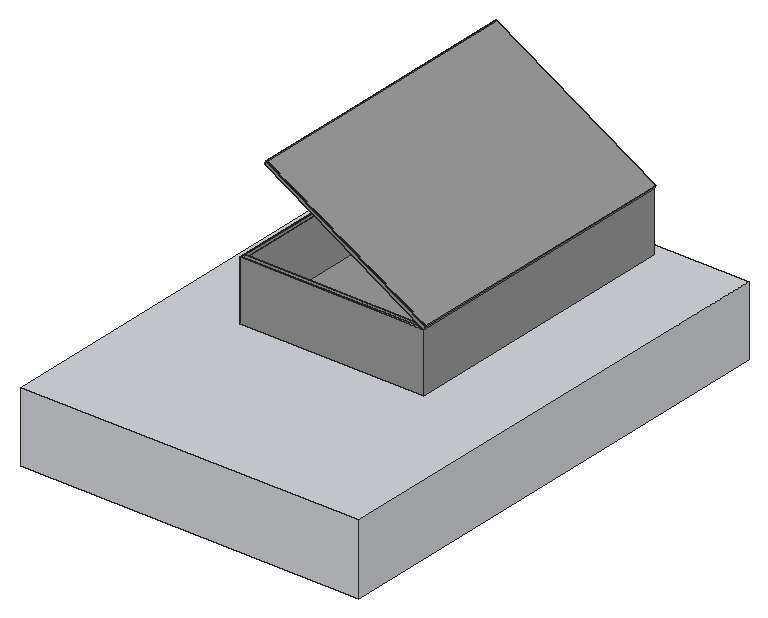
Revit family "Hager-Univers-IP55-D275-H1250-Cl.II-Steel_encl-CH-en", category Equipement électrique, Revit 2020
Family settings
  Hôte = Face
  Configuration du panneau = Deux colonnes, circuits au sein
  Cote de connecteur circulaire = Utiliser le diamètre
  Type d'élément = Tableau de raccordement
  Couper avec des vides une fois chargée = Non
  Partagée = Non
  Point de calcul de pièce = Non
Parameters (values of type "Surface mounted (plaster) IP55 W800 H1250 D275  - FR83S")
  Width Control [instance] = if([EF000008 - Width] > Min Width, [EF000008 - Width], Min Width)  # 800 mm
  Commentaires du type = [HG000003 - Range]  # "Univers"
  Thickness Door [instance] = if([EF009171 - Material plate thickness door/cover] > 3 mm, 3 mm, [EF009171 - Material plate thickness door/cover])  # 1.5 mm
  Seal Frame Offset [instance] = 17 mm  # constant formula
  Plinth Visibility [instance] = [HG000027 - Plinth height] > 0 mm  # no
  Model = ""
  Min Width [instance] = 100 mm  # constant formula
  Min Height [instance] = 100 mm  # constant formula
  Min Depth [instance] = (2 * [EF009170 - Material plate thickness cabinet]) + 1 mm  # 4 mm
  Internal Frame Depth [instance] = (Door System Depth * 0.5)  # 9 mm
  Height Control [instance] = if([EF000040 - Height] > Min Height, [EF000040 - Height], Min Height)  # 1250 mm
  HG000027 - Plinth height = 0 mm
  HG000026 - Floor standing = no
  HG000024 - Bottom section height = 800 mm
  HG000023 - Double section enclosure = no
  HG000016 - Door 3d visibility [instance] = yes
  HG000015 - Clearance visibility [instance] = no
  HG000014 - Door on the right [instance] = yes
  HG000013 - Door on the left [instance] = not([HG000014 - Door on the right])  # no
  HG000012 - Door swing angle [instance] = 30.00°
  HG000010 - Asymmetric doors = no
  HG000009 - Double swing door = no
  HG000006 - Flush mounted = no
  HG000004 - Manufacturer reference = "FR83S"
  HG000003 - Range = "Univers"
  HG000002 - With door or cover = yes
  Frame Offset Bottom [instance] = 10 mm  # constant formula
  Frame Offset [instance] = 15 mm  # constant formula
  EF015940 - Cover with overpressure release = no
  EF011959 - Degree of protection (NEMA) = ""
  EF009554 - Number of openings for flange plates = 6
  EF009212 - Cover model = "EV000116 - Closed"
  EF009171 - Material plate thickness door/cover = 1.5 mm
  EF009170 - Material plate thickness cabinet = 1.5 mm
  Fabricant = "Hager"  # constant formula
  EF008873 - Nominal current (In) = 800 A
  EF007800 - Suitable for lightning protection = no
  EF006306 - With lock = no
  EF006244 - Transparent cover/door = no
  EF005474 - Degree of protection (IP) = "EV006420 - IP55"
  EF004464 - Type of door = "EV002646 - Single"
  EF004427 - Number of modules = 288
  EF004293 - Impact strength = "EV008784 - IK10"
  EF003532 - Suitable for outdoor use = no
  EF002950 - Width in number of modular spacings = 24
  EF001613 - Circuit integrity = "EV000494 - None"
  EF001596 - Material housing = "EV000179 - Steel"
  EF001131 - Internal depth = 275 mm
  EF001088 - Extension possible = yes
  EF000437 - Number of conduit inlets = 6
  EF000339 - Type of cover = "EV004216 - Door"
  EF000266 - Number of rows = 8
  EF000218 - Built-in depth = 0 mm
  EF000118 - With mounting plate = no
  EF000116 - RAL-number = "7035"
  EF000049 - Depth = 275 mm
  EF000040 - Height = 1250 mm
  EF000008 - Width = 800 mm
  EF000007 - Colour = "EV000270 - Grey"
  EF000003 - Mounting method = "EV000384 - Surface mounted (plaster)"
  Door System Leaf Tolerance [instance] = 1.5 mm  # constant formula
  Door System Depth [instance] = 18 mm  # constant formula
  Door Height [instance] = Height Control - [HG000027 - Plinth height]  # 1250 mm
  Depth Control [instance] = if([EF000049 - Depth] > Min Depth, [EF000049 - Depth], Min Depth)  # 275 mm
  Default Elevation = 0 mm
  Connector Offset [instance] = Height Control / 2  # 625 mm
  Bottom Top Plate Trim [instance] = 1.5 mm  # constant formula
  Plinth height Ctrl [instance] = if([HG000027 - Plinth height] > 0 mm, [HG000027 - Plinth height], 12 mm)  # 12 mm
Types (5, lengths in mm): name | Width Control | HG000010 - Asymmetric doors | HG000009 - Double swing door | HG000004 - Manufacturer reference | EF009554 - Number of openings for flange plates | EF004464 - Type of door | EF004427 - Number of modules | EF000437 - Number of conduit inlets | EF000008 - Width
  Surface mounted (plaster) IP55 W1050 H1250 D275  - FR84S | 1050 | no | yes | "FR84S" | 8 | "EV003602 - Double" | 384 | 8 | 1050
  Surface mounted (plaster) IP55 W1300 H1250 D275  - FR85S | 1300 | yes | yes | "FR85S" | 10 | "EV003602 - Double" | 480 | 10 | 1300
  Surface mounted (plaster) IP55 W300 H1250 D275  - FR81S | 300 | no | no | "FR81S" | 2 | "EV002646 - Single" | 96 | 2 | 300
  Surface mounted (plaster) IP55 W550 H1250 D275  - FR82S | 550 | no | no | "FR82S" | 4 | "EV002646 - Single" | 192 | 4 | 550
  Surface mounted (plaster) IP55 W800 H1250 D275  - FR83S | 800 | no | no | "FR83S" | 6 | "EV002646 - Single" | 288 | 6 | 800
Reference planes
  plane 1 "Center (Front/Back)": y = 0
  plane 2: z = 0
  plane 3 "Center (Left/Right)": x = 0
  plane 4: z = 275
  plane 5: y = 1.5
  plane 6: y = 625
  plane 7: y = 0
  plane 8: y = 1250
  plane 9: z = 0
  plane 10: x = -385
  plane 11: x = 385
  plane 12: x = 383.5
  plane 13: x = -383.5
  plane 14: y = 1248.5
  plane 15: x = -383
  plane 16: x = -400
  plane 17: x = 383
  plane 18: x = 400
  plane 19: x = 398.5
  plane 20: x = -398.5
  plane 21: y = 11.5
  plane 22: y = 1250
  plane 23: y = 1233.5
  plane 24: z = 257
  plane 25: z = 1.5
  plane 26: z = 255.5
  plane 27: z = 273.5
Forms (mm)
  Extrusion 1, solid
    sketch origin (0, 0, 0) x (1, 0, 0) y (0, 1, 0)
      loop
        line (-702.964, 1305) -> (-702.964, -811.445) -> (766.763, -811.445) -> (766.763, 1305) -> (-702.964, 1305)
    from 0 to -304.8
  Extrusion 2, solid, material "Hager_Steel_RAL7035_Light_Grey", visible <- "Plinth Visibility", detail levels medium+fine
    sketch origin (0, 0, 0) x (1, 0, 0) y (0, 1, 0)
      loop
        line (-400, 0) -> (400, 0) -> (400, 12) -> (-400, 12) -> (-400, 0)
    from 0 to 257
  Extrusion 3, solid, material "Hager_Steel_RAL7035_Light_Grey", detail levels medium+fine
    sketch origin (0, 0, 0) x (1, 0, 0) y (0, 1, 0)
      loop
        line (-400, 0) -> (400, 0) -> (400, 1250) -> (-400, 1250) -> (-400, 0)
    from 0 to 257
  Extrusion 4, void
    sketch origin (0, 0, 0) x (1, 0, 0) y (0, 1, 0)
      loop
        line (-398.5, 1.5) -> (398.5, 1.5) -> (398.5, 1248.5) -> (-398.5, 1248.5) -> (-398.5, 1.5)
    from 1.5 to 255.5
  Extrusion 5, void
    sketch origin (-381.607, -4572, 257) x (0, -1, 0) y (-1, 0, 0)
      loop
        line (-4583.5, 1.893) -> (-5805.5, 1.893) -> (-5805.5, -765.107) -> (-4583.5, -765.107) -> (-4583.5, 1.893)
    from 0 to 1.5 <- "EF009170 - Material plate thickness cabinet"
  Extrusion 6, solid, material "Hager_Steel_RAL7035_Light_Grey", detail levels fine
    sketch origin (0, 0, 257) x (1, 0, 0) y (0, 1, 0)
      loop
        line (-383.5, 1233.5) -> (-383.5, 11.5) -> (383.5, 11.5) -> (383.5, 1233.5) -> (-383.5, 1233.5)
      loop
        line (-385, 10) -> (385, 10) -> (385, 1235) -> (-385, 1235) -> (-385, 10)
    from 0 to 9 <- "Internal Frame Depth"
  Extrusion 7, solid, material "Hager_Steel_RAL7035_Light_Grey", detail levels coarse
    sketch origin (0, 0, 0) x (1, 0, 0) y (0, 1, 0)
      loop
        line (-400, 0) -> (400, 0) -> (400, 1250) -> (-400, 1250) -> (-400, 0)
    from 0 to 275
  Sweep 8, void
    path in 3D
      loop
        line (-400, 12, 0) -> (400, 12, 0) -> (400, 12, 257) -> (-400, 12, 257) -> (-400, 12, 0)
    profile origin (-400, 12, 128.5) x (-1, 0, 0) y (0, -1, 0)
      loop
        line (0, 0) -> (0, 1.5) -> (-1.5, 1.5)
        arc (-1.5, 1.5) -> (-1.061, 0.439) -> (0, 0) r 1.5
Cuts and joins
  Extrusion 4, Extrusion 5 cuts Extrusion 3
  Sweep 8 cuts Extrusion 2
Lines and regions (mm)
  Masking region 1
    outline origin (0, 0, 0) x (1, 0, 0) y (0, 0, 1)
      loop
        line (-400, 275) -> (-400, 0) -> (400, 0) -> (400, 275) -> (-400, 275)
  Masking region 2, detail levels medium+fine
    outline origin (0, 140, 0) x (0, 1, 0) y (0, 0, 1)
      loop
        line (-140, 0) -> (1110, 0) -> (1110, 257) -> (-140, 257) -> (-140, 0)
  Masking region 3, not visible, detail levels medium+fine
    outline origin (0, 297.922, 0) x (0, 1, 0) y (0, 0, 1)
      loop
        line (338.578, 0) -> (378.578, 0) -> (378.578, 263.5)
        arc (378.578, 263.5) -> (375.649, 270.571) -> (368.578, 273.5) r 10
        line (368.578, 273.5) -> (338.578, 273.5) -> (338.578, 0)
  Masking region 4, detail levels coarse
    outline origin (0, 0, 180) x (0, 1, 0) y (0, 0, 1)
      loop
        line (0, -180) -> (1250, -180) -> (1250, 95) -> (0, 95) -> (0, -180)
  Masking region 5, visible <- "Plinth Visibility", detail levels medium+fine
    outline origin (0, 52.24, 12.345) x (0, 0, -1) y (0, 1, 0)
      loop
        line (10.845, -40.24) -> (-243.155, -40.24)
        arc (-243.155, -40.24) -> (-243.594, -41.301) -> (-244.655, -41.74) r 1.5
        line (-244.655, -41.74) -> (-244.655, -52.24) -> (12.345, -52.24) -> (12.345, -41.74)
        arc (12.345, -41.74) -> (11.285, -41.301) -> (10.845, -40.24) r 1.5
  Masking region 6, detail levels medium+fine
    outline origin (-381.607, -4572, 257) x (-1, 0, 0) y (0, -1, 0)
      loop
        line (18.393, -5822) -> (18.393, -4572) -> (-781.607, -4572) -> (-781.607, -5822) -> (18.393, -5822)
  Masking region 7, visible <- "Plinth Visibility", detail levels medium+fine
    outline origin (-381.607, -4727, 257) x (-1, 0, 0) y (0, -1, 0)
      loop
        arc (16.893, -4739) -> (17.332, -4737.939) -> (18.393, -4737.5) r 1.5
        line (18.393, -4737.5) -> (18.393, -4727) -> (-781.607, -4727) -> (-781.607, -4737.5)
        arc (-781.607, -4737.5) -> (-780.546, -4737.939) -> (-780.107, -4739) r 1.5
        line (-780.107, -4739) -> (16.893, -4739)
  Masking region 8, detail levels coarse
    outline origin (-442.548, -4669.526, 257) x (-1, 0, 0) y (0, -1, 0)
      loop
        line (-42.548, -5919.526) -> (-42.548, -4669.526) -> (-842.548, -4669.526) -> (-842.548, -5919.526) -> (-42.548, -5919.526)
  sketch lines
    curve 1: line (-400, 12, 257) -> (-400, 12, 0)
    curve 2: line (400, 12, 257) -> (-400, 12, 257)
    curve 3: line (400, 12, 257) -> (400, 12, 0)
    curve 4: line (-400, 12, 0) -> (400, 12, 0)
Dimensions and locks
  "Depth Control": plane 4 to Extrusion 1
  "HG000027 - Plinth height": plane 1 "Center (Front/Back)" to plane 7
  "EF009170 - Material plate thickness cabinet": plane 5 to plane 7
  locked: connector elem to plane 3 "Center (Left/Right)"
  equal spacing: plane 8, plane 6, plane 7
  locked: connector elem to plane 6
  "EF009170 - Material plate thickness cabinet": plane 8 to plane 14
  "EF009170 - Material plate thickness cabinet": plane 10 to plane 13
  "EF009170 - Material plate thickness cabinet": plane 12 to plane 11
  "Frame Offset": plane 20 to plane 13
  "Frame Offset": plane 12 to plane 19
  "EF009170 - Material plate thickness cabinet": plane 16 to plane 20
  "EF009170 - Material plate thickness cabinet": plane 19 to plane 18
  "Seal Frame Offset": plane 16 to plane 15
  "Seal Frame Offset": plane 17 to plane 18
  "Frame Offset Bottom": plane 21 to plane 5
  "Frame Offset": plane 14 to plane 23
  equal spacing: plane 16, plane 3 "Center (Left/Right)", plane 18
  "Width Control": plane 16 to plane 18
  "EF009170 - Material plate thickness cabinet": plane 4 to plane 27
  "EF009170 - Material plate thickness cabinet": plane 24 to plane 26
  "EF009170 - Material plate thickness cabinet": plane 25 to level
  "Door System Depth": plane 4 to plane 24
  "Height Control": plane 1 "Center (Front/Back)" to Extrusion 7 sketch curve
  "Height Control": Masking region 4 sketch curve to plane 1 "Center (Front/Back)"
  "Height Control": plane 1 "Center (Front/Back)" to plane 22
  "Bottom Top Plate Trim": profile plane to Sweep 8 sketch curve
  "Bottom Top Plate Trim": Sweep 8 sketch curve to profile plane
  "Plinth height Ctrl": plane 1 "Center (Front/Back)" to Extrusion 2 sketch curve
  "Plinth height Ctrl": Masking region 5 sketch curve to plane 1 "Center (Front/Back)"
  "Plinth height Ctrl": plane 1 "Center (Front/Back)" to Masking region 7 sketch curve
  "Thickness Door": Extrusion 6 sketch curve to Extrusion 6 sketch curve  (x3)
  "Thickness Door": cut or joined group of Extrusion 3, Extrusion 4, Extrusion 5 to Extrusion 6 sketch curve
  radius of Masking region 3 sketch curve = 10 mm
  "Bottom Top Plate Trim": radius of Masking region 5 sketch curve  (x2)
  "Bottom Top Plate Trim": radius of Sweep 8 sketch curve
  "Bottom Top Plate Trim": radius of Masking region 7 sketch curve  (x2)
  aligned and locked: plane 2 to Extrusion 1
  aligned and locked: level to Extrusion 1
  aligned and locked: level to Masking region 1 sketch curve
  aligned and locked: Masking region 1 sketch curve to plane 18
  aligned and locked: Masking region 1 sketch curve to plane 16
  aligned and locked: plane 7 to Masking region 2 sketch curve
  aligned and locked: level to Masking region 3 sketch curve
  aligned and locked: Masking region 3 sketch curve to plane 27
  aligned and locked: level to Masking region 2 sketch curve
  aligned and locked: plane 1 "Center (Front/Back)" to Extrusion 2 sketch curve
  aligned and locked: Extrusion 3 sketch curve to plane 7
  aligned and locked: plane 16 to Extrusion 3 sketch curve
  aligned and locked: plane 18 to Extrusion 3 sketch curve
  aligned and locked: plane 20 to Extrusion 4 sketch curve
  aligned and locked: plane 19 to Extrusion 4 sketch curve
  aligned and locked: Extrusion 4 sketch curve to plane 5
  aligned and locked: Extrusion 4 to plane 25
  aligned and locked: plane 26 to Extrusion 4
  aligned and locked: plane 24 to Extrusion 3
  aligned and locked: Extrusion 5 sketch curve to plane 21
  aligned and locked: Extrusion 5 sketch curve to plane 13
  aligned and locked: Extrusion 5 sketch curve to plane 12
  aligned and locked: plane 18 to Extrusion 7 sketch curve
  aligned and locked: plane 1 "Center (Front/Back)" to Extrusion 7 sketch curve
  aligned and locked: plane 16 to Extrusion 7 sketch curve
  aligned and locked: plane 4 to Extrusion 7
  aligned and locked: Extrusion 7 to level
  aligned and locked: level to Masking region 4 sketch curve
  aligned and locked: Masking region 4 sketch curve to plane 1 "Center (Front/Back)"
  aligned and locked: Masking region 4 sketch curve to plane 4
  aligned and locked: nested 1 to level
  aligned and locked: nested 1 to plane 16
  aligned and locked: plane 8 to Extrusion 3 sketch curve
  aligned and locked: plane 23 to Extrusion 5 sketch curve
  aligned and locked: plane 14 to Extrusion 4 sketch curve
  aligned and locked: Masking region 2 sketch curve to plane 8
  aligned and locked: level to Masking region 5 sketch curve
  aligned and locked: plane 16 to Extrusion 2 sketch curve
  aligned and locked: plane 18 to Extrusion 2 sketch curve
  aligned and locked: Masking region 5 sketch curve to plane 24
  aligned and locked: Masking region 2 sketch curve to plane 24
  aligned and locked: plane 24 to Extrusion 2
  aligned and locked: profile plane to Sweep 8 sketch curve  (x2)
  aligned and locked: Masking region 6 sketch curve to plane 18
  aligned and locked: Masking region 6 sketch curve to plane 22
  aligned and locked: Masking region 6 sketch curve to plane 16
  aligned and locked: plane 8 to plane 22
  aligned and locked: Masking region 6 sketch curve to plane 7
  aligned and locked: Masking region 7 sketch curve to plane 16
  aligned and locked: Masking region 7 sketch curve to plane 1 "Center (Front/Back)"
  aligned and locked: Masking region 7 sketch curve to plane 18
  aligned and locked: Masking region 8 sketch curve to plane 1 "Center (Front/Back)"
  aligned and locked: Masking region 8 sketch curve to plane 18
  aligned and locked: Masking region 8 sketch curve to plane 22
  aligned and locked: Masking region 8 sketch curve to plane 16
  aligned and locked: nested 2 to plane 7
  aligned and locked: plane 3 "Center (Left/Right)" to nested 2
  aligned and locked: nested 2 to plane 24
  aligned and locked: Extrusion 6 sketch curve to cut or joined group of Extrusion 3, Extrusion 4, Extrusion 5  (x4)
Automatic sketch dimensions
  Extrusion 1 sketch curve to Extrusion 1 sketch curve = 1469.727 mm
  Extrusion 1 sketch curve to Extrusion 1 sketch curve = 2116.445 mm
  Masking region 1 sketch curve to plane 4 = 0 mm
  plane 6 to Masking region 3 sketch curve = 11.5 mm
  Masking region 3 sketch curve to Masking region 3 sketch curve = 30 mm
  Masking region 5 sketch curve to plane 1 "Center (Front/Back)" = 0 mm
Nested families
  nested 1: "Hager_Enclosure_Symbol" at (-400, 0, 0) x (1, 0, 0) z (0, -1, 0), Height <- "Depth Control", Width <- "Width Control", type "Hager_Enclosure_Symbol"
    with Width_Ctrl 800 mm, Width 800 mm, Height_Ctrl 275 mm, Height 275 mm, A_Width_Int 18.047 mm, A_Width 216.562 mm, A_Height_Ctrl 240.625 mm, A_Height 240.625 mm
  nested 2: "EC000058_Univers_Door" at (0, 0, 257) x (1, 0, 0) z (0, 1, 0), Leaf_Tolerance <- "Door System Leaf Tolerance", Angle <- "HG000012 - Door swing angle", Door_Depth <- "Door System Depth", Door_Left <- "HG000013 - Door on the left", Transparent <- "EF006244 - Transparent cover/door", Assymetrical <- "HG000010 - Asymmetric doors", Width <- "Width Control", Clearance <- "HG000015 - Clearance visibility", Double <- "HG000009 - Double swing door", 3d_Door <- "HG000016 - Door 3d visibility", Lock_Visibility <- "EF006306 - With lock", Width_Ctrl <- "Width Control", Door_Right <- "HG000014 - Door on the right", Door <- "HG000002 - With door or cover", Height <- "Door Height", Thickness <- "Thickness Door", type "EC000058_Univers_Door", detail levels medium+fine
    with min_wh 4 mm, Width_Ctrl 800 mm, Width 800 mm, Transparent no, Thickness 1.5 mm, Seal_Material Hager_Rubber, Lock_Visibility no, Lock_Material Hager_Plastic_RAL9005_Jet_Black, Leaf_Width 800 mm, Leaf_Tolerance_External_Sides 0 mm, Leaf_Tolerance 1.5 mm, Leaf_Offset 0 mm, Leaf_Height 1247 mm, Leaf_2_Width 800 mm, Leaf_2_Offset 400 mm, Leaf_1_Width 800 mm, Leaf_1_Offset 400 mm, Height_Ctrl 1250 mm, Height 1250 mm, Glass_Material Hager_Glass, Double_Clearance_Ctrl no, Double no, Door_Right_Ctrl yes, Door_Right yes, Door_Material Hager_Steel_RAL7035_Light_Grey, Door_Left_Ctrl no, Door_Left no, Door_Depth 18 mm, Door yes, Clearance_Material Hager_Clearance, Clearance_Depth 800 mm, Clearance_Ctrl no, Clearance no, Assymetrical no, Angle 30.00°, 3d_Door yes
Connectors
  electrical at (0, 625, 0)
    settings: on plane 9, index 1, voltage 0 V, apparent load 0 VA, apparent load phase1 0 VA, apparent load phase2 0 VA, apparent load phase3 0 VA, power factor 1, load classification "Other", number of poles 1, system type 30, power factor state 1, is connector primary yes, connector utility no, sub classification motor no, connector description ""
Definition of nested family "EC000058_Univers_Door"
  Parameters (values of type "EC000058_Univers_Door")
    min_wh [instance] = (2 * Thickness) + 1 mm  # 11 mm
    Width_Ctrl [instance] = 400 mm
    Width [instance] = 500 mm
    Transparent [instance] = yes
    Thickness [instance] = 5 mm
    Seal_Material [instance] = none
    Lock_Visibility [instance] = yes
    Lock_Material [instance] = none
    Leaf_Width [instance] = if((Width_Ctrl - 2 * Leaf_Tolerance_External_Sides) > 0 mm, (Width_Ctrl - 2 * Leaf_Tolerance_External_Sides), min_wh)  # 400 mm
    Leaf_Tolerance_External_Sides [instance] = 0 mm  # constant formula
    Leaf_Tolerance [instance] = 1.5 mm
    Leaf_Offset [instance] = 0 mm  # constant formula
    Leaf_Height [instance] = if((Height_Ctrl - 2 * Leaf_Tolerance) > 0 mm, (Height_Ctrl - 2 * Leaf_Tolerance), min_wh)  # 497 mm
    Leaf_2_Width [instance] = if(and(and(Double, Assymetrical), Door_Left), (Leaf_Width / 3) - (Leaf_Tolerance / 2), if(and(and(Double, Assymetrical), Door_Right), (Leaf_Width / 3) * 2 - (Leaf_Tolerance / 2), if(and(Double, not(Assymetrical)), (Leaf_Width / 2) - Leaf_Tolerance, Leaf_Width)))  # 400 mm
    Leaf_2_Offset [instance] = if(and(Double, Assymetrical), Leaf_2_Width / 2, if(and(Double, not(Assymetrical)), Leaf_Width / 4, Leaf_Width / 2))  # 200 mm
    Leaf_1_Width [instance] = if(and(and(Double, Assymetrical), Door_Right), (Leaf_Width / 3) - (Leaf_Tolerance / 2), if(and(and(Double, Assymetrical), Door_Left), (Width / 3) * 2 - (Leaf_Tolerance / 2), if(and(Double, not(Assymetrical)), (Leaf_Width / 2) - Leaf_Tolerance, Leaf_Width)))  # 400 mm
    Leaf_1_Offset [instance] = if(and(Double, Assymetrical), Leaf_1_Width / 2, if(and(Double, not(Assymetrical)), Leaf_Width / 4, Leaf_Width / 2))  # 200 mm
    Height_Ctrl [instance] = if(Height > min_wh, Height, min_wh)  # 500 mm
    Height [instance] = 500 mm
    Glass_Material [instance] = none
    Double_Clearance_Ctrl [instance] = and(Double, Clearance)  # no
    Double [instance] = no
    Door_Right_Ctrl [instance] = and(or(Door_Right, Double), Door)  # yes
    Door_Right [instance] = yes
    Door_Material [instance] = none
    Door_Left_Ctrl [instance] = and(or(Door_Left, Double), Door)  # no
    Door_Left [instance] = no
    Door_Depth [instance] = 30 mm
    Door [instance] = yes
    Default Elevation = 1219.2 mm
    Clearance_Material [instance] = none
    Clearance_Depth [instance] = if(Leaf_1_Width > Leaf_2_Width, Leaf_1_Width, Leaf_2_Width)  # 400 mm
    Clearance_Ctrl [instance] = and(not(Double), Clearance)  # yes
    Clearance [instance] = yes
    Assymetrical [instance] = yes
    Angle [instance] = 30.00°
    3d_Door [instance] = yes
  Reference planes
    plane 1 "Center (Front/Back)": y = 0
    plane 2 "Bottom": z = 0
    plane 3 "Center (Left/Right)": x = 0
    plane 4: z = 500
    plane 5: x = -200
    plane 6: x = 200
    plane 7: z = 500
    plane 8: x = -200
    plane 9: z = 0
    plane 10: x = 200
    plane 11: y = 0
    plane 12: z = 1.5
    plane 13: x = -600
    plane 14: y = -400
    plane 15: x = 600
    plane 16: x = 0
    plane 17: x = 0
    plane 18: x = -200
    plane 19: x = 200
    plane 20: z = 498.5
  Forms (mm)
    Extrusion 1, solid, material <- "Clearance_Material", visible <- "Double_Clearance_Ctrl"
      sketch origin (1200, 0, 0) x (1, 0, 0) y (0, 0, -1)
        loop
          line (-1800, -498.5) -> (-600, -498.5) -> (-600, 0) -> (-1800, 0) -> (-1800, -498.5)
      from 0 to -400
  Dimensions and locks
    equal spacing: plane 5, plane 3 "Center (Left/Right)", plane 6
    "Width_Ctrl": plane 5 to plane 6
    "Leaf_Offset": plane 5 to plane 8
    "Leaf_Offset": plane 6 to plane 10
    "Leaf_Offset": plane 9 to level
    "Leaf_Offset": plane 4 to plane 7
    "Height_Ctrl": plane 4 to level
    "Leaf_Tolerance": plane 12 to plane 9
    locked: plane 11 to plane 1 "Center (Front/Back)"
    "Leaf_1_Offset": plane 18 to plane 16
    "Leaf_2_Offset": plane 17 to plane 19
    "Leaf_1_Width": plane 13 to plane 8
    "Leaf_2_Width": plane 10 to plane 15
    "Clearance_Depth": plane 14 to plane 1 "Center (Front/Back)"
    "Leaf_Tolerance_External_Sides": plane 8 to plane 18
    "Leaf_Tolerance_External_Sides": plane 19 to plane 10
    "Leaf_Tolerance": plane 7 to plane 20
    aligned and locked: level to plane 2 "Bottom"
    aligned and locked: nested 1 to plane 16
    aligned and locked: nested 2 to plane 17
    aligned and locked: Extrusion 1 to plane 13
    aligned and locked: plane 15 to Extrusion 1
    aligned and locked: Extrusion 1 to plane 14
    aligned and locked: plane 12 to nested 1
    aligned and locked: nested 2 to plane 12
    aligned and locked: Extrusion 1 to plane 11
    aligned and locked: plane 20 to Extrusion 1
    aligned and locked: nested 2 to plane 11
    aligned and locked: nested 1 to plane 11
  Automatic sketch dimensions
    Extrusion 1 sketch curve to level = 0 mm
    plane 5 to Extrusion 1 sketch curve = 400 mm
    plane 6 to Extrusion 1 sketch curve = 400 mm
    Extrusion 1 sketch curve to plane 4 = 1.5 mm
  Nested families
    nested 1: "EC000058_Univers_Door_Leaf" at (0, 0, 1.5), Width <- "Leaf_1_Width", visible <- "Door_Left_Ctrl", Leaf_Height <- "Leaf_Height", Angle <- "Angle", 3d_Door <- "3d_Door", Transparent <- "Transparent", Clearance Material <- "Clearance_Material", Clearance <- "Clearance_Ctrl", Door_Material <- "Door_Material", Glass_Material <- "Glass_Material", Door_Depth <- "Door_Depth", Lock_Material <- "Lock_Material", Seal_Material <- "Seal_Material", Lock_Visibility <- "Lock_Visibility", Thickness <- "Thickness", type "EC000058_Univers_Door_Leaf"
      with Width 400 mm, Transparent_Glass_Offset 30 mm, Transparent_Ctrl yes, Transparent yes, Thickness 5 mm, Standard no, Seal_Material none, Seal_D2 8 mm, Seal_D1 1 mm, Offset_Internal_Frame 10 mm, Lock_Width 20 mm, Lock_Visibility_3d yes, Lock_Visibility yes, Lock_Thickness_3 3 mm, Lock_Thickness_2 1 mm, Lock_Thickness_1 3 mm, Lock_Radius_Offset_2 16 mm, Lock_Radius_Offset_1 15 mm, Lock_Radius_2 5 mm, Lock_Radius 6 mm, Lock_Offset 5 mm, Lock_Material none, Lock_Height 80 mm, Lock_Cover_Top_Offset_2d 17 mm, Lock_Cover_Height -65 mm, Leaf_Height 497 mm, Internal_Seal_Thickness 8 mm, Internal_Seal_Depth_2 4.5 mm, Internal_Frame_Depth 25 mm, Glass_Thickness -1 mm, Glass_Offset -2 mm, Glass_Material none, Door_Material none, Door_Depth 30 mm, Clearance Material none, Clearance yes, Angle_Ctrl 30.00°, Angle 30.00°, 3d_Door yes
    nested 2: "EC000058_Univers_Door_Leaf" at (0, 0, 1.5) x (-1, 0, 0) z (0, 0, 1), Width <- "Leaf_2_Width", visible <- "Door_Right_Ctrl", Leaf_Height <- "Leaf_Height", Angle <- "Angle", 3d_Door <- "3d_Door", Transparent <- "Transparent", Clearance Material <- "Clearance_Material", Clearance <- "Clearance_Ctrl", Door_Material <- "Door_Material", Glass_Material <- "Glass_Material", Door_Depth <- "Door_Depth", Lock_Material <- "Lock_Material", Seal_Material <- "Seal_Material", Lock_Visibility <- "Lock_Visibility", Thickness <- "Thickness", type "EC000058_Univers_Door_Leaf"
      with Width 400 mm, Transparent_Glass_Offset 30 mm, Transparent_Ctrl yes, Transparent yes, Thickness 5 mm, Standard no, Seal_Material none, Seal_D2 8 mm, Seal_D1 1 mm, Offset_Internal_Frame 10 mm, Lock_Width 20 mm, Lock_Visibility_3d yes, Lock_Visibility yes, Lock_Thickness_3 3 mm, Lock_Thickness_2 1 mm, Lock_Thickness_1 3 mm, Lock_Radius_Offset_2 16 mm, Lock_Radius_Offset_1 15 mm, Lock_Radius_2 5 mm, Lock_Radius 6 mm, Lock_Offset 5 mm, Lock_Material none, Lock_Height 80 mm, Lock_Cover_Top_Offset_2d 17 mm, Lock_Cover_Height -65 mm, Leaf_Height 497 mm, Internal_Seal_Thickness 8 mm, Internal_Seal_Depth_2 4.5 mm, Internal_Frame_Depth 25 mm, Glass_Thickness -1 mm, Glass_Offset -2 mm, Glass_Material none, Door_Material none, Door_Depth 30 mm, Clearance Material none, Clearance yes, Angle_Ctrl 30.00°, Angle 30.00°, 3d_Door yes
  Definition of nested family "EC000058_Univers_Door_Leaf"
    Parameters (values of type "EC000058_Univers_Door_Leaf")
      Width [instance] = 2000 mm
      Transparent_Glass_Offset [instance] = 30 mm
      Transparent_Ctrl [instance] = and(Transparent, [3d_Door])  # yes
      Transparent [instance] = yes
      Thickness [instance] = 5 mm
      Standard [instance] = and(not(Transparent), [3d_Door])  # no
      Seal_Material [instance] = none
      Seal_D2 [instance] = 8 mm  # constant formula
      Seal_D1 [instance] = 1 mm  # constant formula
      Offset_Internal_Frame [instance] = 10 mm  # constant formula
      Lock_Width [instance] = 20 mm  # constant formula
      Lock_Visibility_3d [instance] = and(Lock_Visibility, [3d_Door])  # yes
      Lock_Visibility [instance] = yes
      Lock_Thickness_3 [instance] = 3 mm  # constant formula
      Lock_Thickness_2 [instance] = 1 mm  # constant formula
      Lock_Thickness_1 [instance] = 3 mm  # constant formula
      Lock_Radius_Offset_2 [instance] = Lock_Radius_Offset_1 + 1 mm  # 16 mm
      Lock_Radius_Offset_1 [instance] = 15 mm  # constant formula
      Lock_Radius_2 [instance] = Lock_Radius - 1 mm  # 5 mm
      Lock_Radius [instance] = 6 mm  # constant formula
      Lock_Offset [instance] = 5 mm  # constant formula
      Lock_Material [instance] = none
      Lock_Height [instance] = 80 mm  # constant formula
      Lock_Cover_Top_Offset_2d [instance] = Lock_Radius_Offset_2 + 1 mm  # 17 mm
      Lock_Cover_Height [instance] = -(Lock_Height - Lock_Radius_Offset_1)  # -65 mm
      Leaf_Height [instance] = 2720.336 mm
      Internal_Seal_Thickness [instance] = 8 mm  # constant formula
      Internal_Seal_Depth_2 [instance] = 4.5 mm  # constant formula
      Internal_Frame_Depth [instance] = if(Door_Depth - Thickness > 5 mm, Door_Depth - Thickness, 5 mm)  # 25 mm
      Glass_Thickness [instance] = if(Thickness > 15 mm, Glass_Offset + 10 mm, -1 mm)  # -1 mm
      Glass_Offset [instance] = if(Thickness > 15 mm, -(Thickness + 10 mm) / 2, -2 mm)  # -2 mm
      Glass_Material [instance] = none
      Door_Material [instance] = none
      Door_Depth [instance] = 30 mm
      Default Elevation = 0 mm
      Clearance Material [instance] = none
      Clearance [instance] = yes
      Angle_Ctrl [instance] = if(Angle > 180.00°, 180.00°, Angle)  # 90.00°
      Angle [instance] = 90.00°
      3d_Door [instance] = yes
    Reference planes
      plane 1 "Center (Front/Back)": y = 0
      plane 2: z = 0
      plane 3 "Center (Left/Right)": x = 0
      plane 4: y = 2000
      plane 5: x = -1000
      plane 6: x = 1000
      plane 7: x = -3000
      plane 8: z = 2720.336
      plane 9: z = 30
      plane 10: z = 2690.336
      plane 11: x = 970
      plane 12: x = -970
      plane 13: y = -3
      plane 14: z = 107.833
      plane 15: y = -5
      plane 16: y = -223.314
      plane 17: x = -1000
      plane 18: z = 1360.168
      plane 19: y = 30
    Forms (mm)
      Extrusion 1, solid, material <- "Clearance Material", visible <- "Clearance"
        sketch origin (0, 0, 0) x (1, 0, 0) y (0, 0, 1)
          loop
            line (-3000, 2720.336) -> (-3000, 0) -> (1000, 0) -> (1000, 2720.336) -> (-3000, 2720.336)
        from 0 to -2000
      Extrusion 2, solid, material <- "Door_Material", visible <- "Standard", detail levels medium+fine
        sketch origin (-1000, 0, 0) x (0, 1, 0) y (-1, 0, 0)
          loop
            line (0, 30) -> (0, 25) -> (2000, 25) -> (2000, 30) -> (0, 30)
        from 0 to 2720.336 <- "Leaf_Height"
      Extrusion 3, solid, material <- "Door_Material", visible <- "Transparent_Ctrl", detail levels medium+fine
        sketch origin (-1000, 0, 0) x (0, 1, 0) y (-1, 0, 0)
          loop
            line (0, 25) -> (2000, 25) -> (2000, 30) -> (0, 30) -> (0, 25)
        from 0 to 2720.336 <- "Leaf_Height"
      Extrusion 4, void
        sketch origin (-1025, 2000, 0) x (0, 1, 0) y (0, 0, -1)
          loop
            line (-30, -2690.336) -> (-30, -30) -> (-1970, -30) -> (-1970, -2690.336) -> (-30, -2690.336)
        from 0 to 5 <- "Thickness"
      Sweep 5, solid, material <- "Seal_Material", visible <- "Transparent_Ctrl", detail levels fine
        path in 3D
          loop
            line (-1025, 30, 30) -> (-1025, 30, 2690.336) -> (-1025, 1970, 2690.336) -> (-1025, 1970, 30) -> (-1025, 30, 30)
        profile origin (-1025, 1000, 30) x (1, 0, 0) y (0, 0, 1)
          loop
            line (0, 0) -> (0, -8) -> (1, -8) -> (1, 0) -> (0, 0)
      Extrusion 6, solid, material <- "Glass_Material", visible <- "Transparent_Ctrl", detail levels medium+fine
        sketch origin (-1030, 0, 0) x (0, 1, 0) y (0, 0, -1)
          loop
            line (1970, -2690.336) -> (1970, -30) -> (30, -30) -> (30, -2690.336) -> (1970, -2690.336)
        from -2 <- "Glass_Offset" to -1 <- "Glass_Thickness"
      Extrusion 7, solid, material <- "Door_Material", visible <- "3d_Door", detail levels medium+fine
        sketch origin (-1025, 2000, 0) x (0, -1, 0) y (0, 0, -1)
          loop
            line (0, -2720.336) -> (2000, -2720.336) -> (2000, 0) -> (0, 0) -> (0, -2720.336)
          loop
            line (1995, -5) -> (5, -5) -> (5, -2715.336) -> (1995, -2715.336) -> (1995, -5)
        from 0 to 25 <- "Internal_Frame_Depth"
      Sweep 8, solid, material <- "Seal_Material", visible <- "Transparent_Ctrl", detail levels fine
        path in 3D
          loop
            line (-1025, 0, 0) -> (-1025, 2000, 0) -> (-1025, 2000, 2720.336) -> (-1025, 0, 2720.336) -> (-1025, 0, 0)
        profile origin (-1025, 0, 1360.168) x (1, 0, 0) y (0, 1, 0)
          loop
            line (0, 10) -> (2.975, 10)
            arc (2.975, 10) -> (4.053, 10.447) -> (4.5, 11.525) r 1.525
            line (4.5, 11.525) -> (4.5, 16.527)
            arc (4.5, 16.527) -> (4.069, 17.569) -> (3.027, 18) r 1.473
            line (3.027, 18) -> (0, 18) -> (0, 10)
      Extrusion 9, solid, material <- "Lock_Material", visible <- "Lock_Visibility_3d", detail levels fine
        sketch origin (-1030, 0, 0) x (0, 1, 0) y (0, 0, -1)
          loop
            arc (1993.5, -1400.168) -> (1994.561, -1399.729) -> (1995, -1398.668) r 1.5
            line (1995, -1398.668) -> (1995, -1320.168) -> (1975, -1320.168) -> (1975, -1398.668)
            arc (1975, -1398.668) -> (1975.439, -1399.729) -> (1976.5, -1400.168) r 1.5
            line (1976.5, -1400.168) -> (1993.5, -1400.168)
        from 3 <- "Lock_Thickness_1" to 0
      Blend 10, solid, material <- "Lock_Material", visible <- "Lock_Visibility_3d", detail levels fine
        base sketch origin (-1033, 0, 0) x (0, 1, 0) y (0, 0, -1)
          loop
            line (1975, -1320.168) -> (1975, -1398.668)
            arc (1975, -1398.668) -> (1975.439, -1399.729) -> (1976.5, -1400.168) r 1.5
            line (1976.5, -1400.168) -> (1993.5, -1400.168)
            arc (1993.5, -1400.168) -> (1994.561, -1399.729) -> (1995, -1398.668) r 1.5
            line (1995, -1398.668) -> (1995, -1320.168) -> (1975, -1320.168)
        top sketch origin (-1033, 0, 0) x (0, 1, 0) y (0, 0, -1)
          loop
            line (1976, -1320.168) -> (1976, -1398.668)
            arc (1976, -1398.668) -> (1976.146, -1399.022) -> (1976.5, -1399.168) r 0.5
            line (1976.5, -1399.168) -> (1993.5, -1399.168)
            arc (1993.5, -1399.168) -> (1993.854, -1399.022) -> (1994, -1398.668) r 0.5
            line (1994, -1398.668) -> (1994, -1320.168) -> (1976, -1320.168)
        from 0 to 1 <- "Lock_Thickness_2"
      Blend 11, solid, material <- "Lock_Material", visible <- "Lock_Visibility_3d", detail levels fine
        base sketch origin (-1034, 0, 0) x (0, 1, 0) y (0, 0, -1)
          loop
            line (1978, -1320.168) -> (1978, -1384.168)
            arc (1978, -1384.168) -> (1985, -1391.168) -> (1992, -1384.168) r 7
            line (1992, -1384.168) -> (1992, -1320.168) -> (1978, -1320.168)
        top sketch origin (-1034, 0, 0) x (0, 1, 0) y (0, 0, -1)
          loop
            line (1991, -1320.168) -> (1979, -1320.168) -> (1979, -1383.168)
            arc (1979, -1383.168) -> (1985, -1389.168) -> (1991, -1383.168) r 6
            line (1991, -1383.168) -> (1991, -1320.168)
        from 0 to 3 <- "Lock_Thickness_3"
      Extrusion 12, solid, material <- "Lock_Material", visible <- "Lock_Visibility_3d", detail levels fine
        sketch origin (-1030, 1975, 1320.168) x (1, 0, 0) y (0, -1, 0)
          loop
            line (-7, -19) -> (-7, -1) -> (0, -1) -> (0, 0) -> (-8, 0) -> (-8, -20) -> (0, -20) -> (0, -19) -> (-7, -19)
        from 0 to -65 <- "Lock_Cover_Height"
      Extrusion 13, void
        sketch origin (-1038, 1995, 1320.168) x (-1, 0, 0) y (0, 0, -1)
          loop
            line (-5, -65) -> (0, -65) -> (-5, -60) -> (-5, -65)
        from 0 to 20 <- "Lock_Width"
      Extrusion 14, void
        sketch origin (-1038, 1975, 1320.168) x (0, -1, 0) y (0, 0, -1)
          loop
            circle (-10, -15.995) r 6
          loop
            circle (-10, -15.995) r 5
        from 0 to 2
      Extrusion 15, solid, material <- "Lock_Material", visible <- "Lock_Visibility_3d", detail levels medium
        sketch origin (-1030, 0, 0) x (0, 1, 0) y (0, 0, -1)
          loop
            arc (1993.5, -1400.168) -> (1994.561, -1399.729) -> (1995, -1398.668) r 1.5
            line (1995, -1398.668) -> (1995, -1320.168) -> (1975, -1320.168) -> (1975, -1398.668)
            arc (1975, -1398.668) -> (1975.439, -1399.729) -> (1976.5, -1400.168) r 1.5
            line (1976.5, -1400.168) -> (1993.5, -1400.168)
        from 8 to 0
    Cuts and joins
      Extrusion 4 cuts Extrusion 3
      Extrusion 13, Extrusion 14 cuts Extrusion 9
      Extrusion 14 cuts Blend 11
      Extrusion 13, Extrusion 14 cuts Extrusion 12
      joined: Extrusion 9, Blend 10, Blend 11, Extrusion 12
      Extrusion 14 cuts Extrusion 15
    Lines and regions (mm)
      Masking region 1, visible <- "Lock_Visibility", detail levels fine
        outline origin (0, 0, 0) x (0, 1, 0) y (0, 0, 1)
          loop
            line (30, 1320.168) -> (33, 1320.168) -> (33, 1400.168) -> (30, 1400.168) -> (30, 1320.168)
      Masking region 2, visible <- "Lock_Visibility", detail levels fine
        outline origin (0, 3.143, 0) x (0, 1, 0) y (0, 0, 1)
          loop
            line (29.857, 1354.168) -> (30.857, 1354.168) -> (30.857, 1366.168) -> (29.857, 1366.168) -> (29.857, 1354.168)
      Masking region 3, detail levels medium+fine
        outline origin (0, 0, 0) x (0, 1, 0) y (0, 0, 1)
          loop
            line (0, 0) -> (30, 0) -> (30, 2720.336) -> (0, 2720.336) -> (0, 0)
      Masking region 4, detail levels medium+fine
        outline origin (0, 0, 0) x (1, 0, 0) y (0, 0, 1)
          loop
            line (-1000, 2720.336) -> (-1000, 0) -> (1000, 0) -> (1000, 2720.336) -> (-1000, 2720.336)
      Masking region 5, visible <- "Lock_Visibility", detail levels fine
        outline origin (-47.116, 0, 0) x (1, 0, 0) y (0, 0, 1)
          loop
            arc (1024.616, 1399.168) -> (1023.556, 1398.729) -> (1023.116, 1397.668) r 1.5
            line (1023.116, 1397.668) -> (1023.116, 1320.168) -> (1041.116, 1320.168) -> (1041.116, 1397.668)
            arc (1041.116, 1397.668) -> (1040.677, 1398.729) -> (1039.616, 1399.168) r 1.5
            line (1039.616, 1399.168) -> (1024.616, 1399.168)
      Masking region 6, visible <- "Lock_Visibility", detail levels medium+fine
        outline origin (-25, 0, 0) x (1, 0, 0) y (0, 0, 1)
          loop
            arc (1001.5, 1400.168) -> (1000.439, 1399.729) -> (1000, 1398.668) r 1.5
            line (1000, 1398.668) -> (1000, 1320.168) -> (1020, 1320.168) -> (1020, 1398.668)
            arc (1020, 1398.668) -> (1019.561, 1399.729) -> (1018.5, 1400.168) r 1.5
            line (1018.5, 1400.168) -> (1001.5, 1400.168)
      Masking region 7, visible <- "Lock_Visibility", detail levels fine
        outline origin (-73.735, 0, 0) x (1, 0, 0) y (0, 0, 1)
          loop
            line (1051.735, 1382.168) -> (1065.735, 1382.168) -> (1065.735, 1384.168)
            arc (1065.735, 1384.168) -> (1058.735, 1391.168) -> (1051.735, 1384.168) r 7
            line (1051.735, 1384.168) -> (1051.735, 1382.168)
      Masking region 8, visible <- "Lock_Visibility", detail levels fine
        outline origin (-73.735, 0, 0) x (1, 0, 0) y (0, 0, 1)
          loop
            line (1052.735, 1382.168) -> (1064.735, 1382.168) -> (1064.735, 1383.168)
            arc (1064.735, 1383.168) -> (1058.735, 1389.168) -> (1052.735, 1383.168) r 6
            line (1052.735, 1383.168) -> (1052.735, 1382.168)
      Masking region 9, visible <- "Lock_Visibility", detail levels fine
        outline origin (-25, 0, 0) x (1, 0, 0) y (0, 0, 1)
          loop
            line (1020, 1320.168) -> (1020, 1382.168) -> (1000, 1382.168) -> (1000, 1320.168) -> (1020, 1320.168)
      Masking region 10, detail levels medium+fine
        outline origin (0, 0, 0) x (1, 0, 0) y (0, 0, 1)
          loop
            circle (985, 1335.144) r 6
      Masking region 11, detail levels fine
        outline origin (0, 0, 0) x (1, 0, 0) y (0, 0, 1)
          loop
            circle (985, 1335.144) r 5
      Masking region 12, visible <- "Lock_Visibility", detail levels fine
        outline origin (0, 12.767, 0) x (0, 1, 0) y (0, 0, 1)
          loop
            line (20.233, 1320.168) -> (21.233, 1320.168) -> (21.233, 1399.168) -> (20.233, 1400.168) -> (20.233, 1320.168)
      Masking region 13, visible <- "Lock_Visibility", detail levels fine
        outline origin (0, 13.767, -10) x (0, 1, 0) y (0, 0, 1)
          loop
            line (20.233, 1330.168) -> (23.233, 1330.168) -> (23.233, 1399.168) -> (20.233, 1402.168) -> (20.233, 1330.168)
      Masking region 14, visible <- "Lock_Visibility", detail levels fine
        outline origin (0, 12.767, -10) x (0, 1, 0) y (0, 0, 1)
          loop
            line (20.233, 1330.168) -> (25.233, 1330.168) -> (25.233, 1399.305) -> (20.233, 1394.305) -> (20.233, 1330.168)
      Masking region 15, visible <- "Lock_Visibility", detail levels medium
        outline origin (0, 0, 0) x (0, 1, 0) y (0, 0, 1)
          loop
            line (30, 1320.168) -> (38, 1320.168) -> (38, 1400.168) -> (30, 1400.168) -> (30, 1320.168)
      Masking region 16, visible <- "Lock_Visibility", detail levels fine
        outline origin (-1000, 0, 0) x (0, 1, 0) y (-1, 0, 0)
          loop
            line (1975, 30) -> (1995, 30) -> (1995, 38) -> (1975, 38) -> (1975, 30)
          loop
            line (1979, 37) -> (1976, 37) -> (1976, 34) -> (1978, 34) -> (1979, 37)
          loop
            line (1994, 37) -> (1991, 37) -> (1992, 34) -> (1994, 34) -> (1994, 37)
      Masking region 17, visible <- "Lock_Visibility", detail levels medium
        outline origin (-1000, 0, 0) x (0, 1, 0) y (-1, 0, 0)
          loop
            line (1975, 30) -> (1995, 30) -> (1995, 38) -> (1975, 38) -> (1975, 30)
      symbolic lines
        curve 1: line (1000, 0, 0) -> (-3000, 0, 0)
        curve 2: arc (1000, 0, 0) -> (-1000, 2000, 0) -> (-3000, 0, 0) r 2000
        curve 4: line (-1030, 0, 0) -> (-1030, 2000, 0)
      reference lines
        curve 3: line (-1000, 0, 0) -> (-1000, 2000, 0)
      symbolic lines, detail levels medium+fine
        curve 5: line (-1030, 2000, 0) -> (-1025, 2000, 0)
        curve 7: line (-1025, 0, 0) -> (-1030, 0, 0)
        curve 8: line (-1025, 0, 0) -> (-1000, 0, 0)
        curve 9: line (-1000, 0, 0) -> (-1000, 2000, 0)
        curve 10: line (-1000, 2000, 0) -> (-1025, 2000, 0)
      symbolic lines, detail levels fine
        curve 6: line (-1025, 2000, 0) -> (-1025, 0, 0)
      sketch lines
        curve 11: line (-1025, 0, 2720.336) -> (-1025, 0, 0)
        curve 12: line (-1025, 2000, 0) -> (-1025, 0, 0)
        curve 13: line (-1025, 2000, 2720.336) -> (-1025, 2000, 0)
        curve 14: line (-1025, 0, 2720.336) -> (-1025, 2000, 2720.336)
        curve 15: line (-1025, 1970, 30) -> (-1025, 30, 30)
        curve 16: line (-1025, 30, 30) -> (-1025, 30, 2690.336)
        curve 17: line (-1025, 1970, 2690.336) -> (-1025, 1970, 30)
        curve 18: line (-1025, 30, 2690.336) -> (-1025, 1970, 2690.336)
      symbolic lines, visible <- "Transparent", detail levels medium+fine
        curve 19: line (-970, 0, 2690.336) -> (970, 0, 2690.336)
        curve 20: line (-970, 0, 30) -> (-970, 0, 2690.336)
        curve 21: line (970, 0, 30) -> (-970, 0, 30)
        curve 22: line (970, 0, 2690.336) -> (970, 0, 30)
    Dimensions and locks
      "Width": plane 1 "Center (Front/Back)" to plane 4
      equal spacing: plane 5, plane 3 "Center (Left/Right)", plane 6
      "Width": plane 5 to plane 6
      "Width": plane 7 to plane 5
      "Leaf_Height": plane 8 to level
      "Width": curve 5 to curve 3
      "Width": curve 3 to curve 3
      plane 8 to plane 10 = 30 mm
      plane 9 to level = 30 mm
      plane 12 to plane 5 = 30 mm
      plane 6 to plane 11 = 30 mm
      Extrusion 1 to Extrusion 4 sketch curve = 30 mm
      "Transparent_Glass_Offset": curve 3 to Extrusion 4 sketch curve
      "Transparent_Glass_Offset": Extrusion 4 sketch curve to cut or joined group of Extrusion 3, Extrusion 4  (x2)
      cut or joined group of Extrusion 3, Extrusion 4 to Extrusion 6 sketch curve = 30 mm
      "Transparent_Glass_Offset": cut or joined group of Extrusion 3, Extrusion 4 to Extrusion 4 sketch curve
      "Thickness": curve 6 to curve 4
      "Thickness": Extrusion 7 sketch curve to Extrusion 7 sketch curve  (x4)
      "Door_Depth": curve 4 to curve 3
      "Offset_Internal_Frame": profile plane to Sweep 8 sketch curve
      "Internal_Seal_Thickness": Sweep 8 sketch curve to Sweep 8 sketch curve
      "Internal_Seal_Depth_2": profile plane to Sweep 8 sketch curve
      "Seal_D1": profile plane to Sweep 5 sketch curve
      "Seal_D2": profile plane to Sweep 5 sketch curve
      "Thickness": Extrusion 2 sketch curve to Extrusion 2 sketch curve
      equal spacing: Extrusion 9 sketch curve, plane 18, Extrusion 9 sketch curve  (x2)
      equal spacing: Masking region 1 sketch curve, plane 18, Masking region 1 sketch curve
      "Lock_Height": Masking region 1 sketch curve to Masking region 1 sketch curve
      "Lock_Radius": Masking region 2 sketch curve to plane 18 to Masking region 2 sketch curve
      Masking region 2 sketch curve to Masking region 1 = 1 mm
      "Door_Depth": plane 19 to plane 1 "Center (Front/Back)"
      "Lock_Thickness_1": Masking region 1 sketch curve to plane 19
      "Lock_Width": Extrusion 9 sketch curve to Extrusion 9 sketch curve
      "Lock_Height": Extrusion 9 sketch curve to Extrusion 9 sketch curve
      "Lock_Offset": cut or joined group of Extrusion 3, Extrusion 4 to Extrusion 9 sketch curve
      equal spacing: plane 8, plane 18, level
      "Lock_Radius_Offset_1": Blend 11 sketch curve to Blend 10
      locked: Blend 10 to Blend 11 sketch curve at 2  (x2)
      locked: var sketch to Blend 11 sketch curve at 1  (x2)
      "Lock_Radius_Offset_2": Blend 11 sketch curve to Blend 10
      locked: Extrusion 12 sketch curve to Extrusion 12 sketch curve at 1  (x3)
      Masking region 6 sketch curve to Masking region 6 sketch curve = 80 mm
      "Lock_Height": Masking region 6 sketch curve to Masking region 6 sketch curve
      "Lock_Width": Masking region 6 sketch curve to Masking region 6 sketch curve
      locked: Masking region 6 to Masking region 5 sketch curve at 1  (x3)
      locked: Masking region 5 to Masking region 7 sketch curve at 2  (x2)
      "Lock_Radius_Offset_1": Masking region 5 to Masking region 7 sketch curve
      "Lock_Radius_Offset_2": Masking region 5 to Masking region 8 sketch curve
      locked: Masking region 7 to Masking region 8 sketch curve at 1  (x2)
      "Lock_Cover_Top_Offset_2d": Masking region 5 to Masking region 9 sketch curve
      equal spacing: Masking region 9, Masking region 10 sketch curve, Masking region 9
      equal spacing: Masking region 9, Masking region 11 sketch curve, Masking region 9
      Extrusion 15 sketch curve to Extrusion 15 sketch curve = 80 mm
      "Lock_Width": Extrusion 15 sketch curve to Extrusion 15 sketch curve
      "Lock_Height": Extrusion 15 sketch curve to Extrusion 15 sketch curve
      equal spacing: Extrusion 15 sketch curve, plane 18, Extrusion 15 sketch curve
      "Lock_Thickness_3": Masking region 13 sketch curve to Masking region 13 sketch curve
      "Lock_Height": Masking region 12 sketch curve to Masking region 12 sketch curve
      locked: Masking region 13 sketch curve to Masking region 1 at 8
      locked: Masking region 14 sketch curve to Masking region 13 at 1
      locked: Masking region 14 sketch curve to Masking region 1 at 10.863
      "Lock_Height": Masking region 15 sketch curve to Masking region 15 sketch curve
      "Lock_Offset": Extrusion 15 sketch curve to cut or joined group of Extrusion 3, Extrusion 4
      "Lock_Offset": plane 6 to Masking region 6 sketch curve
      radius of Sweep 8 sketch curve = 1.525 mm
      radius of Sweep 8 sketch curve = 1.473 mm
      radius of Extrusion 9 sketch curve = 1.5 mm  (x2)
      "Lock_Radius": radius of Extrusion 14 sketch curve
      "Lock_Radius_2": radius of Extrusion 14 sketch curve
      "Lock_Radius": radius of Masking region 10 sketch curve
      "Lock_Radius_2": radius of Masking region 11 sketch curve
      radius of Extrusion 15 sketch curve = 1.5 mm  (x2)
      "Angle_Ctrl": angle plane 1 "Center (Front/Back)" to curve 3
      locked: Masking region 12 sketch curve to Masking region 12 sketch curve (angle 45.00°)
      locked: Masking region 13 sketch curve to Masking region 13 sketch curve (angle 45.00°)
      locked: Masking region 14 sketch curve to Masking region 14 sketch curve (angle 45.00°)
      aligned and locked: level to plane 2
      aligned and locked: Extrusion 1 to curve 1
      aligned and locked: plane 6 to Extrusion 1
      aligned and locked: Extrusion 1 to plane 1 "Center (Front/Back)"
      aligned and locked: plane 4 to Extrusion 1
      aligned and locked: plane 8 to Extrusion 1
      aligned and locked: curve 7 to Extrusion 2 sketch curve
      aligned and locked: curve 5 to Extrusion 2 sketch curve
      aligned and locked: curve 7 to Extrusion 3 sketch curve
      aligned and locked: Extrusion 3 sketch curve to curve 4
      aligned and locked: Extrusion 3 sketch curve to curve 6
      aligned and locked: Extrusion 3 sketch curve to curve 5
      aligned and locked: curve 9 to curve 3
      aligned and locked: Extrusion 7 sketch curve to cut or joined group of Extrusion 3, Extrusion 4  (x4)
      aligned and locked: plane 17 to curve 3
      aligned and locked: plane 1 "Center (Front/Back)" to curve 3
      aligned and locked: plane 17 to plane 5
      aligned and locked: Sweep 8 sketch curve to profile plane
      aligned and locked: Sweep 5 sketch curve to profile plane  (x2)
      aligned and locked: Masking region 1 to Masking region 2 sketch curve
      aligned and locked: plane 19 to Masking region 1 sketch curve
      aligned and locked: plane 1 "Center (Front/Back)" to Masking region 3 sketch curve
      aligned and locked: plane 19 to Masking region 3 sketch curve
      aligned and locked: level to Masking region 3 sketch curve
      aligned and locked: Masking region 3 sketch curve to plane 8
      aligned and locked: plane 17 to Masking region 4 sketch curve
      aligned and locked: level to Masking region 4 sketch curve
      aligned and locked: Masking region 4 sketch curve to plane 8
      aligned and locked: plane 12 to curve 20
      aligned and locked: plane 10 to curve 19
      aligned and locked: plane 11 to curve 22
      aligned and locked: curve 21 to plane 9
      aligned and locked: Extrusion 2 sketch curve to cut or joined group of Extrusion 3, Extrusion 4
      aligned and locked: Blend 10 sketch curve to Extrusion 9  (x4)
      aligned and locked: Extrusion 9 to Blend 10 sketch curve
      aligned and locked: Blend 10 to Blend 11 sketch curve
      aligned and locked: Extrusion 12 sketch curve to Blend 11
      aligned and locked: Extrusion 12 sketch curve to Extrusion 9  (x4)
      aligned and locked: Masking region 5 sketch curve to Masking region 6
      aligned and locked: Masking region 9 sketch curve to Masking region 6  (x3)
      aligned and locked: Masking region 12 sketch curve to Masking region 1
      aligned and locked: Masking region 13 sketch curve to Masking region 1
      aligned and locked: Masking region 12 to Masking region 14
      aligned and locked: Masking region 14 sketch curve to Masking region 1
      aligned and locked: Masking region 15 sketch curve to Masking region 14
      aligned and locked: Masking region 13 sketch curve to Masking region 12
      aligned and locked: Masking region 16 sketch curve to cut or joined group of Extrusion 14, Extrusion 15  (x4)
      aligned and locked: Masking region 16 sketch curve to cut or joined group of Extrusion 9, Blend 10, Blend 11, Extrusion 12, Extrusion 13, Extrusion 14  (x6)
      aligned and locked: cut or joined group of Extrusion 9, Blend 10, Blend 11, Extrusion 12, Extrusion 13, Extrusion 14 to Masking region 16 sketch curve
      aligned and locked: Masking region 17 sketch curve to cut or joined group of Extrusion 14, Extrusion 15  (x3)
      aligned and locked: Masking region 17 sketch curve to cut or joined group of Extrusion 9, Blend 10, Blend 11, Extrusion 12, Extrusion 13, Extrusion 14
      aligned and locked: Masking region 9 to Masking region 8 sketch curve
      aligned and locked: Masking region 9 to Masking region 7 sketch curve
    Automatic sketch dimensions
      plane 1 "Center (Front/Back)" to curve 2 = 0 mm
      curve 2 to plane 5 = 0 mm
      Extrusion 1 sketch curve to level = 0 mm
      Extrusion 1 sketch curve to plane 7 = 0 mm
      Extrusion 1 sketch curve to plane 6 = 0 mm
      Extrusion 1 sketch curve to plane 8 = 0 mm
      Extrusion 3 to Extrusion 6 sketch curve = 30 mm  (x4)
      Masking region 4 sketch curve to plane 6 = 0 mm
      Blend 10 sketch curve to Extrusion 9 = 1.5 mm
      Blend 10 sketch curve to Extrusion 9 = 1 mm
      Extrusion 13 sketch curve to Extrusion 12 = 0 mm  (x2)
      Extrusion 12 to Extrusion 13 sketch curve = 3 mm
      Extrusion 13 sketch curve to Extrusion 12 = 5 mm
      Extrusion 14 sketch curve to Extrusion 14 sketch curve = 0 mm  (x2)
      Extrusion 14 sketch curve to Extrusion 12 = 10 mm
      Extrusion 14 sketch curve to Extrusion 12 = 15.995 mm
      Masking region 5 sketch curve to Masking region 5 sketch curve = 1.5 mm  (x2)
      Masking region 10 sketch curve to plane 18 = 25.024 mm
      Masking region 11 sketch curve to plane 18 = 25.024 mm
      plane 19 to Masking region 14 sketch curve = 3 mm
      Masking region 16 sketch curve to Masking region 16 sketch curve = 3 mm
      curve 4 to curve 3 = 0 mm
      Blend 10 to Blend 11 sketch curve = 0 mm
      Masking region 6 sketch curve to Masking region 6 sketch curve = 1.5 mm  (x2)
      Masking region 6 sketch curve to plane 18 = 40 mm
      plane 19 to Masking region 12 sketch curve = 3 mm
      Masking region 12 sketch curve to Masking region 12 sketch curve = 1 mm
      Masking region 15 sketch curve to plane 19 = 0 mm
      Masking region 15 sketch curve to plane 18 = 40 mm
      radius of Blend 10 sketch curve to Extrusion 9 = 1 mm
Definition of nested family "Hager_Enclosure_Symbol"
  Parameters (values of type "Hager_Enclosure_Symbol")
    Width_Ctrl [instance] = if(Width > 1 mm, Width, 1 mm)  # 102.27 mm
    Width [instance] = 102.27 mm
    Height_Ctrl [instance] = if(Height > 1 mm, Height, 1 mm)  # 66.5 mm
    A_Width_Int [instance] = if(A_Width / 12 > 2 mm, A_Width / 12, 2 mm)  # 4.364 mm
    A_Width [instance] = if(A_Height_Ctrl * 0.9 > 2 mm, A_Height_Ctrl * 0.9, 2 mm)  # 52.369 mm
    A_Height_Ctrl [instance] = if(A_Height > 2 mm, A_Height, 2 mm)  # 58.188 mm
    Height [instance] = 66.5 mm
    A_Height [instance] = Height - (Height / 8)  # 58.188 mm
  Reference planes
    plane 1 "Centre (avant/arrière)": y = 0
    plane 2: z = 0
    plane 3 "Centre (gauche/droite)": x = 0
    plane 4: x = 52.369
    plane 5: y = 33.042
    plane 6: y = 41.77
    plane 7: y = 66.5
    plane 8: x = 26.184
    plane 9: y = 37.406
    plane 10: x = 102.27
    plane 11: y = 66.5
    plane 12: y = 8.313
  Lines and regions (mm)
    Filled region 1, type "Solid_Black", in view "Niveau de réf."
      outline origin (0, 0, 0) x (1, 0, 0) y (0, 1, 0)
        loop
          line (52.369, 66.5) -> (33.188, 54.536) -> (45.365, 45.006) -> (52.369, 66.5)
    Filled region 2, type "Solid_Black", in view "Niveau de réf."
      outline origin (0, 0, 0) x (1, 0, 0) y (0, 1, 0)
        loop
          line (0, 0) -> (102.27, 0) -> (102.27, 66.5) -> (0, 0)
    detail lines, in view "Niveau de réf."
      curve 1: line (0, 8.313, 0) -> (26.184, 41.77, 0)
      curve 2: line (26.184, 41.77, 0) -> (26.184, 33.042, 0)
      curve 3: line (26.184, 33.042, 0) -> (52.369, 66.5, 0)
  Dimensions and locks
    "A_Width": plane 3 "Centre (gauche/droite)" to plane 4
    equal spacing: plane 3 "Centre (gauche/droite)", plane 8, plane 4
    equal spacing: plane 6, plane 9, plane 5
    equal spacing: curve 3, Filled region 1 sketch curve, Filled region 1 sketch curve
    "Height_Ctrl": plane 1 "Centre (avant/arrière)" to plane 11
    "A_Height_Ctrl": plane 11 to plane 12
    equal spacing: plane 11, plane 9, plane 12
    "A_Width_Int": plane 6 to plane 9
    "Width_Ctrl": plane 3 "Centre (gauche/droite)" to plane 10
    angle Filled region 1 sketch curve to curve 3 = 20.00°
    angle curve 3 to Filled region 1 sketch curve = 20.00°
    locked: curve 3 to Filled region 1 sketch curve (angle 90.00°)
    aligned and locked: plane 10 to Filled region 2
    aligned and locked: plane 11 to Filled region 2 sketch curve
    aligned and locked: plane 10 to Filled region 2 sketch curve
    aligned and locked: plane 3 "Centre (gauche/droite)" to curve 1
    aligned and locked: plane 12 to curve 1
    aligned and locked: plane 7 to plane 11
  Automatic sketch dimensions
    Filled region 1 sketch curve to plane 4 = 0 mm
    Filled region 1 sketch curve to plane 7 = 0 mm
    plane 1 "Centre (avant/arrière)" to Filled region 2 sketch curve = 0 mm
    Filled region 2 sketch curve to plane 3 "Centre (gauche/droite)" = 0 mm
    curve 2 to plane 6 = 0 mm
    curve 2 to plane 8 = 0 mm
    curve 3 to plane 4 = 0 mm
    curve 2 to plane 5 = 0 mm
    curve 3 to plane 7 = 0 mm
